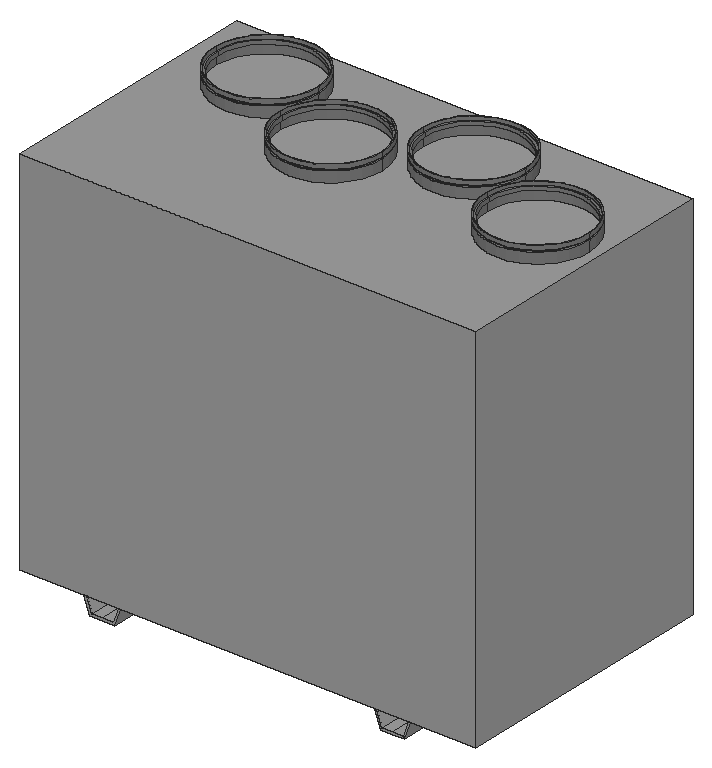
Revit family "BIMLIB_ПриточноВытяжнаяУстановка_UniMAX-R_VE-VW_SHUFT", category Оборудование, Revit 2017
Family settings
  Размер круглого соединителя = Использовать диаметр
  Тип детали = Нормальный
  На основе рабочей плоскости = Нет
  Всегда вертикально = Да
  При загрузке вырезать с полостями = Нет
  Общий = Нет
  Точка расчета площади = Нет
Parameters (values of type "UniMAX-R 850VW с вентилятором модификации EC")
  Повернуть УГО [instance] = yes
  Описание = "Установки серии UniMAX-R VE/VW EC предназначены для очистки, подогрева и подачи свежего воздуха в жилые, общественные и производственные помещения небольших и средних объемов: офисы, магазины, квартиры и т.п. В процессе работы установки удаляют из помещения загрязненный воздух, очищая его и извлекая из него тепло, и передают это тепло поступающему воздуху. Тем самым установки позволяют экономить энергоресурсы и эффективно вентилировать помещения при имеющихся ограничениях на энергоресурсы"  # constant formula
  Изготовитель = "ООО «Завод ВКО» марка SHUFT"  # constant formula
  Watermark [instance] = "Модели защищены уникальным кодом"
  W3 = 30 mm
  W2 = 120 mm
  W1 = 160 mm
  L4 = 250 mm
  L3 = 250 mm
  L2 = 250 mm
  L1 = 150 mm
  H2 = 40 mm
  H1 = 40 mm
  URL = "http://www.shuft.ru/"
  D = 250 mm
  BL_Разработано = "support@bimlib.pro"  # constant formula
  BL_Email = "bimmodels@rusklimat.ru"  # constant formula
  BL_BIM library = "https://bimlib.pro/manufacturer/company/23829"
  ADSK_Ток = 3.61 A
  ADSK_Тип воздушного фильтра = "Приточный/вытяжной EU7/EU5"
  ADSK_Расход воздуха приточный [instance] = 0.0 L/s
  ADSK_Расход воздуха вытяжной [instance] = 0.0 L/s
  ADSK_Размер_Ширина = 655 mm
  ADSK_Размер_Длина = 1100 mm
  ADSK_Размер_Высота = 980 mm
  ADSK_Примечание [instance] = ""
  ADSK_Полная мощность = ADSK_Номинальная мощность / ADSK_Коэффициент мощности  # 450 VA
  ADSK_Позиция = ""
  ADSK_Обозначение = ""
  ADSK_Номинальная мощность = 450 W
  ADSK_Напряжение = 230 V
  ADSK_Наименование = "Приточно-вытяжная вентиляционная установка UniMAX-R 850VW с вентилятором модификации EC"
  ADSK_Материал = BIMLIB_Сталь_SHUFT
  ADSK_Масса_Текст = "180"
  ADSK_Масса = 180
  ADSK_Марка = ADSK_Код изделия  # "UniMAX-R 850VW EC"
  ADSK_Коэффициент мощности = 1
  ADSK_Количество фаз = 1
  ADSK_Код изделия = "UniMAX-R 850VW EC"
  ADSK_Классификация нагрузок = Прочее
  ADSK_Завод-изготовитель = Изготовитель  # "ООО «Завод ВКО» марка SHUFT"
  ADSK_Единица измерения = "шт."  # constant formula
  ADSK_Версия семейства = "v.1"  # constant formula
  ADSK_Версия Revit = "2017"  # constant formula
  ADSK_URL страницы изделия = "http://www.shuft.ru/catalog/2/206/3034/4055/"
  ADSK_URL документации изделия = "http://www.shuft.ru/upload/downloads/Rucovodstvo_UniMAX-R_450VE-VW-EC.pdf"
Types (9, lengths in mm): name | W3 | W2 | W1 | L4 | L3 | L2 | L1 | H2 | H1 | D | ADSK_Ток | ADSK_Размер_Ширина | ADSK_Размер_Длина | ADSK_Размер_Высота | ADSK_Полная мощность | ADSK_Номинальная мощность | ADSK_Напряжение | ADSK_Наименование | ADSK_Масса_Текст | ADSK_Масса | ADSK_Марка | ADSK_Количество фаз | ADSK_Код изделия | ADSK_URL страницы изделия
  (no name) | 30 | 120 | 160 | 250 | 250 | 250 | 150 | 40 | 40 | 250 | 3.61 A | 655 | 1100 | 980 | 450 VA | 450 W | 230 V | "Приточно-вытяжная вентиляционная установка UniMAX-R 850VW с вентилятором модификации EC" | "180" | 180 | "UniMAX-R 850VW EC" | 1 | "UniMAX-R 850VW EC" | "http://www.shuft.ru/catalog/2/206/3034/4055/"
  UniMAX-R 2200VE с вентилятором модификации EC | 50 | 248 | 250 | 300 | 410 | 300 | 225 | 40 | 70 | 315 | 19.47 A | 855 | 1500 | 1150 | 9990 VA | 9990 W | 380 V | "Приточно-вытяжная вентиляционная установка UniMAX-R 2200VE с вентилятором модификации EC" | "79" | 79 | "UniMAX-R 2200VE EC" | 3 | "UniMAX-R 2200VE EC" | "http://www.shuft.ru/catalog/2/206/3034/4053/"
  UniMAX-R 1400VE с вентилятором модификации EC | 50 | 187 | 208 | 325 | 342 | 333 | 190 | 40 | 70 | 315 | 15.69 A | 855 | 1500 | 1150 | 4840 VA | 4840 W | 230 V | "Приточно-вытяжная вентиляционная установка UniMAX-R 1400VE с вентилятором модификации EC" | "178" | 178 | "UniMAX-R 1400VE EC" | 1 | "UniMAX-R 1400VE EC" | "http://www.shuft.ru/catalog/2/206/3034/4053/"
  UniMAX-R 850VE с вентилятором модификации EC | 30 | 120 | 160 | 250 | 250 | 250 | 150 | 40 | 40 | 250 | 12.31 A | 655 | 1100 | 980 | 2450 VA | 2450 W | 230 V | "Приточно-вытяжная вентиляционная установка UniMAX-R 850VE с вентилятором модификации EC" | "180" | 180 | "UniMAX-R 850VE EC" | 1 | "UniMAX-R 850VE EC" | "http://www.shuft.ru/catalog/2/206/3034/4053/"
  UniMAX-R 450VE с вентилятором модификации EC | 30 | 80 | 120 | 205 | 230 | 205 | 130 | 30 | 40 | 160 | 6.84 A | 355 | 900 | 855 | 1480 VA | 1480 W | 230 V | "Приточно-вытяжная вентиляционная установка UniMAX-R 450VE с вентилятором модификации EC" | "104" | 104 | "UniMAX-R 450VE EC" | 1 | "UniMAX-R 450VE EC" | "http://www.shuft.ru/catalog/2/206/3034/4053/"
  UniMAX-R 1400VW с вентилятором модификации EC | 50 | 187 | 208 | 325 | 342 | 333 | 190 | 40 | 70 | 315 | 2.66 A | 855 | 1500 | 1150 | 350 VA | 350 W | 230 V | "Приточно-вытяжная вентиляционная установка UniMAX-R 1400VW с вентилятором модификации EC" | "178" | 178 | "UniMAX-R 1400VW EC" | 1 | "UniMAX-R 1400VW EC" | "http://www.shuft.ru/catalog/2/206/3034/4055/"
  UniMAX-R 2200VW с вентилятором модификации EC | 50 | 248 | 250 | 300 | 410 | 300 | 225 | 40 | 70 | 315 | 6.47 A | 855 | 1500 | 1150 | 990 VA | 990 W | 230 V | "Приточно-вытяжная вентиляционная установка UniMAX-R 2200VW с вентилятором модификации EC" | "79" | 79 | "UniMAX-R 2200VW EC" | 1 | "UniMAX-R 2200VW EC" | "http://www.shuft.ru/catalog/2/206/3034/4055/"
  UniMAX-R 450VW с вентилятором модификации EC | 30 | 80 | 120 | 205 | 230 | 205 | 130 | 30 | 40 | 160 | 2.66 A | 355 | 900 | 855 | 350 VA | 350 W | 230 V | "Приточно-вытяжная вентиляционная установка UniMAX-R 450VW с вентилятором модификации EC" | "104" | 104 | "UniMAX-R 450VW EC" | 1 | "UniMAX-R 450VW EC" | "http://www.shuft.ru/catalog/2/206/3034/4055/"
  UniMAX-R 850VW с вентилятором модификации EC | 30 | 120 | 160 | 250 | 250 | 250 | 150 | 40 | 40 | 250 | 3.61 A | 655 | 1100 | 980 | 450 VA | 450 W | 230 V | "Приточно-вытяжная вентиляционная установка UniMAX-R 850VW с вентилятором модификации EC" | "180" | 180 | "UniMAX-R 850VW EC" | 1 | "UniMAX-R 850VW EC" | "http://www.shuft.ru/catalog/2/206/3034/4055/"
Reference planes
  plane 1 "По центру (Вперед/Назад)": y = 0
  plane 2: z = 0
  plane 3 "По центру (Влево/Вправо)": x = 0
  plane 4 "Перед": y = -327.5
  plane 5 "Зад": y = 327.5
  plane 6: z = 980
  plane 7 "Лево корпус": x = -550
  plane 8 "Право корпус": x = 550
  plane 9: z = 40
  plane 10 "Коннекторы": z = 940
  plane 11 "ДВЕРЬ": y = -297.5
  plane 12: y = 167.5
  plane 13: y = 47.5
  plane 14: x = 400
  plane 15: x = 150
  plane 16: x = -100
  plane 17: x = -350
  plane 18: x = -350
  plane 19: x = 350
Forms (mm)
  Extrusion 1, solid, material "BIMLIB_Сталь_SHUFT" <- "ADSK_Материал", detail levels medium+fine
    sketch origin (0, 0, 40) x (-1, 0, 0) y (0, -1, 0)
      loop
        line (-550, -327.5) -> (550, -327.5) -> (550, 327.5) -> (-550, 327.5) -> (-550, -327.5)
    from 0 to 900
Lines and regions (mm)
  model lines, detail levels fine
    curve 1: line (-550, -297.5, 940) -> (-550, -297.5, 40)
    curve 2: line (-550, -297.5, 40) -> (550, -297.5, 40)
    curve 3: line (550, -297.5, 40) -> (550, -297.5, 940)
    curve 4: line (550, -297.5, 940) -> (-550, -297.5, 940)
    curve 5: line (0, -297.5, 940) -> (0, -327.5, 940)
    curve 6: line (0, -327.5, 940) -> (0, -327.5, 40)
    curve 7: line (0, -327.5, 40) -> (0, -297.5, 40)
Dimensions and locks
  equal spacing: plane 4 "Перед", plane 1 "По центру (Вперед/Назад)", plane 5 "Зад"
  "ADSK_Размер_Высота": plane 6 to level
  "ADSK_Размер_Ширина": plane 4 "Перед" to plane 5 "Зад"
  "H1": plane 9 to level
  "ADSK_Размер_Длина": plane 7 "Лево корпус" to plane 8 "Право корпус"
  equal spacing: plane 7 "Лево корпус", plane 3 "По центру (Влево/Вправо)", plane 8 "Право корпус"
  "H2": plane 6 to plane 10 "Коннекторы"
  "W3": plane 11 "ДВЕРЬ" to plane 4 "Перед"
  "W1": plane 12 to plane 5 "Зад"
  "W2": plane 13 to plane 12
  "L1": plane 14 to plane 8 "Право корпус"
  "L2": plane 15 to plane 14
  "L3": plane 16 to plane 15
  "L4": plane 17 to plane 16
  locked: plane 18 to plane 7 "Лево корпус" at 200
  locked: plane 19 to plane 8 "Право корпус" at 200
  aligned and locked: level to plane 2
  aligned and locked: plane 1 "По центру (Вперед/Назад)" to nested 1
  aligned and locked: plane 3 "По центру (Влево/Вправо)" to nested 1
  aligned and locked: Extrusion 1 sketch curve to plane 5 "Зад"
  aligned and locked: plane 8 "Право корпус" to Extrusion 1 sketch curve
  aligned and locked: Extrusion 1 sketch curve to plane 7 "Лево корпус"
  aligned and locked: Extrusion 1 sketch curve to plane 4 "Перед"
  aligned and locked: plane 1 "По центру (Вперед/Назад)" to nested 3
  aligned and locked: plane 1 "По центру (Вперед/Назад)" to nested 2
  aligned and locked: nested 4 to plane 10 "Коннекторы"
  aligned and locked: nested 5 to plane 10 "Коннекторы"
  aligned and locked: nested 6 to plane 10 "Коннекторы"
  aligned and locked: nested 7 to plane 10 "Коннекторы"
  aligned and locked: plane 10 "Коннекторы" to Extrusion 1
  aligned and locked: plane 12 to nested 4  (x2)
  aligned and locked: plane 12 to nested 6
  aligned and locked: plane 13 to nested 7
  aligned and locked: plane 13 to nested 5
  aligned and locked: nested 7 to plane 14
  aligned and locked: nested 6 to plane 15
  aligned and locked: nested 5 to plane 16
  aligned and locked: nested 4 to plane 17
  aligned and locked: nested 3 to plane 19
  aligned and locked: plane 18 to nested 2
Automatic sketch dimensions
  plane 8 "Право корпус" to curve 4 = 0 mm
  curve 4 to plane 7 "Лево корпус" = 0 mm
  curve 1 to plane 9 = 0 mm
  curve 1 to plane 10 "Коннекторы" = 0 mm
  curve 5 to plane 4 "Перед" = 0 mm
  curve 7 to plane 11 "ДВЕРЬ" = 0 mm
  curve 5 to plane 10 "Коннекторы" = 0 mm
  curve 5 to plane 11 "ДВЕРЬ" = 0 mm
  curve 6 to plane 9 = 0 mm
Nested families
  nested 1: "BIMLIB_УГО_SHUFT" at (0, 0, 0), Высота УГО 3д План <- "ADSK_Размер_Высота", Высота <- "ADSK_Размер_Высота", Ширина <- "ADSK_Размер_Ширина", УГО сверху <- "Повернуть УГО", Длина <- "ADSK_Размер_Длина", type "BIMLIB_УГО_SHUFT", detail levels coarse
    with Ширина/4 163.75 mm, Ширина 655 mm, УГО спереди no, УГО сверху yes, Длина 1100 mm, Высота/4 245 mm, Высота УГО 3д План 980 mm, Высота 980 mm
  nested 2: "BIMLIB_Ножки_SHUFT" at (-350, 0, 0), Материал <- "ADSK_Материал", Ширина <- "ADSK_Размер_Ширина", Высота <- "H1", type "BIMLIB_Ножки_SHUFT"
    with Ширина 655 mm, Материал BIMLIB_Сталь_SHUFT, Высота 40 mm
  nested 3: "BIMLIB_Ножки_SHUFT" at (350, 0, 0), Материал <- "ADSK_Материал", Ширина <- "ADSK_Размер_Ширина", type "BIMLIB_Ножки_SHUFT"
    with Ширина 655 mm, Материал BIMLIB_Сталь_SHUFT, Высота 40 mm
  nested 4: "BIMLIB_Подключение_Круглое_SHUFT" at (-350, 167.5, 940) x (0, 0, 1) z (0, -1, 0), D <- "D", L <- "H2", type "BIMLIB_Подключение_Круглое_SHUFT", detail levels medium+fine
    with Материал BIMLIB_Сталь_Патрубки_SHUFT, L 40 mm, D 250 mm
  nested 5: "BIMLIB_Подключение_Круглое_SHUFT" at (-100, 47.5, 940) x (0, 0, 1) z (0, -1, 0), D <- "D", L <- "H2", type "BIMLIB_Подключение_Круглое_SHUFT", detail levels medium+fine
    with Материал BIMLIB_Сталь_Патрубки_SHUFT, L 40 mm, D 250 mm
  nested 6: "BIMLIB_Подключение_Круглое_SHUFT" at (150, 167.5, 940) x (0, 0, 1) z (0, -1, 0), D <- "D", L <- "H2", type "BIMLIB_Подключение_Круглое_SHUFT", detail levels medium+fine
    with Материал BIMLIB_Сталь_Патрубки_SHUFT, L 40 mm, D 250 mm
  nested 7: "BIMLIB_Подключение_Круглое_SHUFT" at (400, 47.5, 940) x (0, 0, 1) z (0, -1, 0), D <- "D", L <- "H2", type "BIMLIB_Подключение_Круглое_SHUFT", detail levels medium+fine
    with Материал BIMLIB_Сталь_Патрубки_SHUFT, L 40 mm, D 250 mm
Connectors
  hvac at (-350, 167.5, 980), driven by "D", driven by "ADSK_Расход воздуха приточный"
    settings: on nested 4, index 18, duct flow 0.0 L/s, flow factor 0, pres drop 0.0 Pa, loss coef 0, conn angle 0.00°, conn width 304.8 mm, conn height 304.8 mm, conn diameter 250 mm, duct sys type 1, conn prof type 0, flow config 0, flow direction 2, loss method 0, conn ref index 20, conn util no, is conn primary yes, conn desc "Приточный воздух"
  hvac at (-100, 47.5, 980), driven by "D", driven by "ADSK_Расход воздуха вытяжной"
    settings: on nested 5, index 19, duct flow 0.0 L/s, flow factor 0, pres drop 0.0 Pa, loss coef 0, conn angle 0.00°, conn width 304.8 mm, conn height 304.8 mm, conn diameter 250 mm, duct sys type 3, conn prof type 0, flow config 0, flow direction 1, loss method 0, conn ref index 21, conn util no, is conn primary no, conn desc "Вытяжной воздух"
  hvac at (150, 167.5, 980), driven by "D", driven by "ADSK_Расход воздуха приточный"
    settings: on nested 6, index 20, duct flow 0.0 L/s, flow factor 0, pres drop 0.0 Pa, loss coef 0, conn angle 0.00°, conn width 304.8 mm, conn height 304.8 mm, conn diameter 250 mm, duct sys type 1, conn prof type 0, flow config 0, flow direction 1, loss method 0, conn ref index 18, conn util no, is conn primary no, conn desc "Наружный воздух"
  hvac at (400, 47.5, 980), driven by "D", driven by "ADSK_Расход воздуха вытяжной"
    settings: on nested 7, index 21, duct flow 0.0 L/s, flow factor 0, pres drop 0.0 Pa, loss coef 0, conn angle 0.00°, conn width 304.8 mm, conn height 304.8 mm, conn diameter 250 mm, duct sys type 3, conn prof type 0, flow config 0, flow direction 2, loss method 0, conn ref index 19, conn util no, is conn primary no, conn desc "Выбрасываемый воздух"
  electrical at (0, -327.5, 490), driven by "ADSK_Количество фаз", driven by "ADSK_Классификация нагрузок", driven by "ADSK_Напряжение", driven by "ADSK_Полная мощность", driven by "ADSK_Коэффициент мощности"
    settings: on Extrusion 1, index 22, voltage 230 V, apparent load 450 VA, apparent load phase1 0 VA, apparent load phase2 0 VA, apparent load phase3 0 VA, power factor 1, load classification "Прочее", number of poles 1, system type 30, power factor state 1, is connector primary yes, connector utility no, sub classification motor no, connector description "Электрический соединитель"
Definition of nested family "BIMLIB_Ножки_SHUFT"
  Parameters (values of type "BIMLIB_Ножки_SHUFT")
    Default Elevation = 1219.2 mm
    Материал [instance] = none
    Ширина [instance] = 300 mm
    Высота [instance] = 40 mm
  Reference planes
    plane 1 "По центру (Вперед/Назад)": y = 0
    plane 2: z = 0
    plane 3 "По центру (Влево/Вправо)": x = 0
    plane 4: y = 150
    plane 5: y = -150
    plane 6: z = 40
  Forms (mm)
    Extrusion 1, solid, material <- "Материал", detail levels medium+fine
      sketch origin (0, 0, 0) x (1, 0, 0) y (0, 0, 1)
        loop
          line (0, 0) -> (30, 0) -> (44.559, 40) -> (39.238, 40) -> (26.499, 5) -> (0, 5) -> (-26.499, 5) -> (-39.238, 40) -> (-44.559, 40) -> (-30, 0) -> (0, 0)
      from -150 to 150
  Dimensions and locks
    equal spacing: plane 4, plane 1 "По центру (Вперед/Назад)", plane 5
    "Ширина": plane 4 to plane 5
    "Высота": plane 6 to level
    aligned and locked: level to plane 2
    aligned and locked: plane 5 to Extrusion 1
    aligned and locked: plane 4 to Extrusion 1
    aligned and locked: Extrusion 1 sketch curve to plane 6  (x2)
  Automatic sketch dimensions
    Extrusion 1 sketch curve to level = 0 mm
    Extrusion 1 sketch curve to plane 3 "По центру (Влево/Вправо)" = 0 mm  (x2)
    Extrusion 1 sketch curve to plane 3 "По центру (Влево/Вправо)" = 30 mm
    plane 3 "По центру (Влево/Вправо)" to Extrusion 1 sketch curve = 30 mm
    Extrusion 1 sketch curve to Extrusion 1 sketch curve = 14.559 mm  (x2)
    level to Extrusion 1 sketch curve = 5 mm
    Extrusion 1 sketch curve to Extrusion 1 sketch curve = 5.321 mm  (x2)
    Extrusion 1 sketch curve to Extrusion 1 sketch curve = 3.501 mm  (x2)
Definition of nested family "BIMLIB_Подключение_Круглое_SHUFT"
  Parameters (values of type "BIMLIB_Подключение_Круглое_SHUFT")
    Default Elevation = 1219.2 mm
    Материал [instance] = none
    L [instance] = 30 mm
    D [instance] = 300 mm
  Reference planes
    plane 1 "По центру (Вперед/Назад)": y = 0
    plane 2: z = 0
    plane 3 "По центру (Влево/Вправо)": x = 0
    plane 4: y = 150
    plane 5: y = -150
    plane 6: x = 30
  Forms (mm)
    Revolve 1, solid, material <- "Материал", detail levels medium+fine
      sketch origin (0, 0, 0) x (1, 0, 0) y (0, 1, 0)
        loop
          line (30, 148) -> (30, 150) -> (20, 150) -> (20, 145) -> (15, 145) -> (15, 150) -> (0, 150) -> (0, 148) -> (13, 148) -> (13, 143) -> (22, 143) -> (22, 148) -> (30, 148)
        axis (30, 0) -> (0, 0)
      angle from 0 to 360
  Dimensions and locks
    equal spacing: plane 4, plane 1 "По центру (Вперед/Назад)", plane 5
    "D": plane 4 to plane 5
    "L": plane 3 "По центру (Влево/Вправо)" to plane 6
    aligned and locked: level to plane 2
    aligned and locked: Revolve 1 sketch curve to plane 1 "По центру (Вперед/Назад)"
    aligned and locked: plane 6 to Revolve 1 sketch curve
    aligned and locked: plane 4 to Revolve 1 sketch curve  (x2)
    aligned and locked: Revolve 1 sketch curve to plane 3 "По центру (Влево/Вправо)"
  Automatic sketch dimensions
    Revolve 1 sketch curve to Revolve 1 sketch curve = 2 mm  (x5)
    Revolve 1 sketch curve to Revolve 1 sketch curve = 5 mm
    Revolve 1 sketch curve to Revolve 1 sketch curve = 8 mm
    Revolve 1 sketch curve to Revolve 1 sketch curve = 3 mm
    Revolve 1 sketch curve to plane 3 "По центру (Влево/Вправо)" = 2000 mm
    plane 6 to Revolve 1 sketch curve = 1535.044 mm
Definition of nested family "BIMLIB_УГО_SHUFT"
  Parameters (values of type "BIMLIB_УГО_SHUFT")
    Ширина/4 [instance] = Ширина / 4  # 105 mm
    Ширина [instance] = 420 mm
    УГО спереди [instance] = not(УГО сверху)  # no
    УГО сверху [instance] = yes
    Высота/4 [instance] = Высота / 4  # 63 mm
    Длина [instance] = 810 mm
    Высота УГО 3д План [instance] = 126 mm
    Высота [instance] = 252 mm
  Reference planes
    plane 1 "По центру (Вперед/Назад)": y = 0
    plane 2: z = 0
    plane 3 "По центру (Влево/Вправо)": x = 0
    plane 4: x = -405
    plane 5: x = 405
    plane 6: y = 210
    plane 7: y = -210
    plane 8: z = 126
    plane 9 "УГО 3Д": z = 252
    plane 10: x = -270
    plane 11: x = -135
    plane 12: z = 189
    plane 13: z = 63
    plane 14: x = 63
    plane 15: x = 105
    plane 16: y = 105
    plane 17: y = -105
    plane 18 "УГО": z = 126
  Lines and regions (mm)
    model lines, visible <- "УГО спереди", detail levels coarse
      curve 1: line (-405, 0, 252) -> (-405, 0, 0)
      curve 2: line (-405, 0, 0) -> (405, 0, 0)
      curve 3: line (405, 0, 0) -> (405, 0, 252)
      curve 4: line (405, 0, 252) -> (-405, 0, 252)
      curve 5: line (-270, 0, 252) -> (-270, 0, 0)
      curve 6: line (-135, 0, 252) -> (-135, 0, 0)
      curve 7: line (0, 0, 189) -> (0, 0, 63)
      curve 8: line (0, 0, 63) -> (63, 0, 126)
      curve 9: line (63, 0, 126) -> (0, 0, 189)
    model lines, visible <- "УГО сверху", detail levels coarse
      curve 10: line (-405, 210, 126) -> (-405, -210, 126)
      curve 11: line (-405, -210, 126) -> (405, -210, 126)
      curve 12: line (405, -210, 126) -> (405, 210, 126)
      curve 13: line (405, 210, 126) -> (-405, 210, 126)
      curve 14: line (-270, 210, 126) -> (-270, -210, 126)
      curve 15: line (-135, 210, 126) -> (-135, -210, 126)
      curve 16: line (0, 105, 126) -> (105, 0, 126)
      curve 17: line (105, 0, 126) -> (0, -105, 126)
      curve 18: line (0, -105, 126) -> (0, 105, 126)
    symbolic lines, detail levels coarse
      curve 19: line (-405, 0, 252) -> (-405, 0, 0)
      curve 20: line (-405, 0, 0) -> (405, 0, 0)
      curve 21: line (405, 0, 0) -> (405, 0, 252)
      curve 22: line (405, 0, 252) -> (-405, 0, 252)
      curve 23: line (-270, 0, 252) -> (-270, 0, 0)
      curve 24: line (-135, 0, 0) -> (-135, 0, 252)
      curve 25: line (0, 0, 189) -> (63, 0, 126)
      curve 26: line (63, 0, 126) -> (0, 0, 63)
      curve 27: line (0, 0, 63) -> (0, 0, 189)
      curve 28: line (-405, 210, 0) -> (-405, -210, 0)
      curve 29: line (-405, -210, 0) -> (405, -210, 0)
      curve 30: line (405, -210, 0) -> (405, 210, 0)
      curve 31: line (405, 210, 0) -> (-405, 210, 0)
      curve 32: line (-270, 210, 0) -> (-270, -210, 0)
      curve 33: line (-135, -210, 0) -> (-135, 210, 0)
      curve 34: line (0, 105, 0) -> (105, 0, 0)
      curve 35: line (105, 0, 0) -> (0, -105, 0)
      curve 36: line (0, -105, 0) -> (0, 105, 0)
  Dimensions and locks
    equal spacing: plane 4, plane 3 "По центру (Влево/Вправо)", plane 5
    "Длина": plane 4 to plane 5
    "Ширина": plane 7 to plane 6
    equal spacing: plane 4, plane 10, plane 11, plane 3 "По центру (Влево/Вправо)"
    "Высота": plane 9 "УГО 3Д" to level
    equal spacing: plane 9 "УГО 3Д", plane 12, plane 8, plane 13, level
    "Высота/4": plane 14 to plane 3 "По центру (Влево/Вправо)"
    equal spacing: plane 6, plane 16, plane 1 "По центру (Вперед/Назад)", plane 17, plane 7
    "Ширина/4": plane 15 to plane 3 "По центру (Влево/Вправо)"
    "Ширина/4": plane 3 "По центру (Влево/Вправо)" to plane 15
    "Высота УГО 3д План": plane 18 "УГО" to level
    aligned and locked: level to plane 2
  Automatic sketch dimensions
    curve 12 to plane 5 = 0 mm
    plane 1 "По центру (Вперед/Назад)" to curve 16 = 0 mm
    curve 16 to plane 15 = 0 mm
    curve 18 to plane 3 "По центру (Влево/Вправо)" = 0 mm
    curve 15 to plane 11 = 0 mm
    curve 14 to plane 10 = 0 mm
    curve 11 to plane 4 = 0 mm
    curve 13 to plane 6 = 0 mm
    curve 18 to plane 16 = 0 mm
    plane 7 to curve 12 = 0 mm
    curve 1 to plane 4 = 0 mm
    curve 5 to plane 9 "УГО 3Д" = 0 mm
    curve 5 to plane 10 = 0 mm
    curve 23 to level = 0 mm
    curve 23 to plane 10 = 0 mm
    curve 6 to plane 11 = 0 mm
    curve 24 to plane 11 = 0 mm
    curve 9 to plane 3 "По центру (Влево/Вправо)" = 0 mm
    curve 8 to plane 8 = 0 mm
    curve 8 to plane 14 = 0 mm
    curve 20 to plane 5 = 0 mm
    curve 27 to plane 12 = 0 mm
    curve 28 to plane 4 = 0 mm
    curve 32 to plane 6 = 0 mm
    curve 32 to plane 10 = 0 mm
    plane 7 to curve 33 = 0 mm
    curve 33 to plane 11 = 0 mm
    curve 34 to plane 3 "По центру (Влево/Вправо)" = 0 mm
    plane 1 "По центру (Вперед/Назад)" to curve 34 = 0 mm
    curve 30 to plane 5 = 0 mm
    curve 36 to plane 17 = 0 mm
    curve 36 to plane 16 = 0 mm
